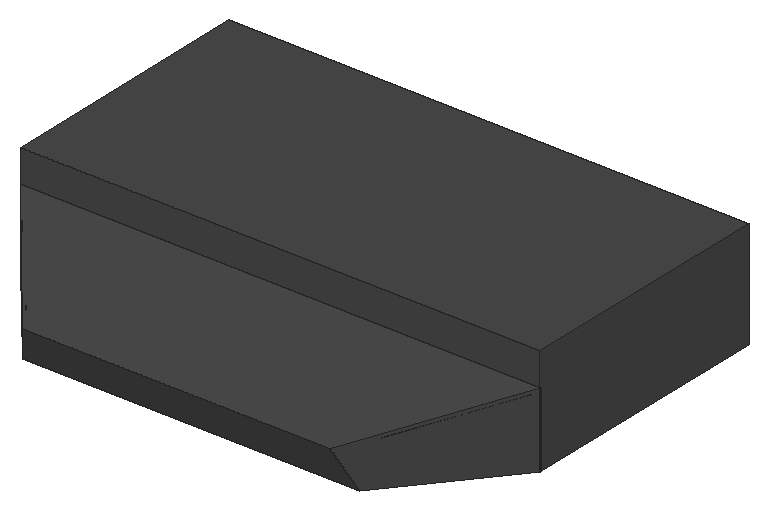
Revit family "Qf_Summit_HSHELL24BK_24 inches Shell Hood", category Specialty Equipment, Revit 2020
Family settings
  Round Connector Dimension = Use Diameter
  Part Type = Normal
  Work Plane-Based = No
  Always vertical = Yes
  Cut with Voids When Loaded = No
  Shared = No
  Room Calculation Point = No
Parameters
  Weight in Pounds = 10
  URL Cutsheet = ""
  Specification by User = ""
  Specification by Manufacturer = ""
  Serial Number = ""
  Seismic Rating = ""
  SMACNA No = ""
  Revision Code = ""
  NAFEM Spec ID Number = ""
  Model = "HSHELL24BK"
  Masterspec = ""
  Manufacturer = "Summit"
  Length = 24"
  Item Number = ""
  Installed By = ""
  Identify Quantity as Lot = yes
  Height = 5"
  Furnished By = ""
  Foodservice Equipment Identifier = yes
  Description = "24\" Shell Hood"
  Depth = 18"
  Default Elevation = 0"
  CSI MasterFormat = ""
Reference planes (in)
  plane 1 "BACK": y = 0
  plane 2: z = 0
  plane 3 "LEFT": x = 0
  plane 4 "RIGHT": x = 24
  plane 5 "FRONT": y = -18
  plane 6 "TOP": z = 5
  plane 7 "Center Y": x = 12
  plane 8 "Center X": y = -9
  plane 9: z = 3.5
  plane 10: y = -12
  plane 11: z = 1.875
  plane 12: x = 4.9375
  plane 13: x = 19.0625
Forms (in)
  Extrusion 1, solid, material "QF_Plastic_Epoxy_Black"
    sketch origin (0, 0, 0) x (1, 0, 0) y (0, 1, 0)
      loop
        line (0, 0) -> (0, -12) -> (24, -12) -> (24, 0) -> (0, 0)
    from 0 to 5
  Extrusion 2, solid, material "QF_Plastic_Epoxy_Black"
    sketch origin (20, 0, 0) x (0, 1, 0) y (0, 0, 1)
      loop
        line (-18, 1.875) -> (-17.12567, 0) -> (-12, 0) -> (-12, 3.5) -> (-18, 1.875)
    from -20 to 4
  Extrusion 3, void
    sketch origin (0, 0, 0) x (1, 0, 0) y (0, 1, 0)
      loop
        line (0, -12) -> (-0.1875, -12) -> (-0.1875, -18.25) -> (4.9375, -18.25) -> (4.9375, -18) -> (0, -12)
      loop
        line (24, -12) -> (19.0625, -18) -> (19.0625, -18.25) -> (24.1875, -18.25) -> (24.1875, -12) -> (24, -12)
    from 0 to 3.5
  Blend 4, void
    base sketch origin (0, -2, 0) x (0, -1, 0) y (0, 0, -1)
      loop
        line (9.75, -4.75) -> (9.75, -0.25) -> (-1.75, -0.25) -> (-1.75, -4.75) -> (9.75, -4.75)
    top sketch origin (0, -2, 0) x (0, -1, 0) y (0, 0, -1)
      loop
        line (9.625, -4.625) -> (9.625, -0.375) -> (-1.625, -0.375) -> (-1.625, -4.625) -> (9.625, -4.625)
    from 0 to 0.08017
  Blend 5, void
    base sketch origin (0, -12, 0) x (-0.635425, 0.772162, 0) y (0, 0, 1)
      loop
        line (-7.37414, 1.70246) -> (-6.497, 0.25) -> (-0.25, 0.25) -> (-0.25, 3.19231) -> (-7.37414, 1.70246)
    top sketch origin (0, -12, 0) x (-0.635425, 0.772162, 0) y (0, 0, 1)
      loop
        line (-7.28514, 1.65857) -> (-6.47224, 0.3125) -> (-0.3125, 0.3125) -> (-0.3125, 3.11674) -> (-7.28514, 1.65857)
    from 0 to 0.08636
  Blend 6, void
    base sketch origin (23.875, -2, 0) x (0, -1, 0) y (0, 0, 1)
      loop
        line (9.75, 4.75) -> (-1.75, 4.75) -> (-1.75, 0.25) -> (9.75, 0.25) -> (9.75, 4.75)
    top sketch origin (23.875, -2, 0) x (0, -1, 0) y (0, 0, 1)
      loop
        line (9.625, 4.625) -> (-1.625, 4.625) -> (-1.625, 0.375) -> (9.625, 0.375) -> (9.625, 4.625)
    from 0 to 0.08017
  Blend 7, void
    base sketch origin (23.875, -12, 0) x (0.635425, 0.772162, 0) y (0, 0, -1)
      loop
        line (-7.37414, -1.70246) -> (-0.25, -3.19231) -> (-0.25, -0.25) -> (-6.497, -0.25) -> (-7.37414, -1.70246)
    top sketch origin (23.875, -12, 0) x (0.635425, 0.772162, 0) y (0, 0, -1)
      loop
        line (-7.28514, -1.65857) -> (-0.3125, -3.11674) -> (-0.3125, -0.3125) -> (-6.47224, -0.3125) -> (-7.28514, -1.65857)
    from 0 to 0.08636
Cuts and joins
  Extrusion 3, Blend 5, Blend 7 cuts Extrusion 2
  Blend 4, Blend 5, Blend 6 cuts Extrusion 1
Lines and regions (in)
  symbolic lines
    curve 1: line (0, 0, 0) -> (0, -12, 0)
    curve 2: line (0, -12, 0) -> (24, -12, 0)
    curve 3: line (24, -12, 0) -> (24, 0, 0)
    curve 4: line (24, 0, 0) -> (0, 0, 0)
    curve 5: line (0, -12, 0) -> (4.9375, -18, 0)
    curve 6: line (4.9375, -18, 0) -> (19.0625, -18, 0)
    curve 7: line (19.0625, -18, 0) -> (24, -12, 0)
Dimensions and locks (in)
  equal spacing: plane 3 "LEFT", plane 7 "Center Y", plane 4 "RIGHT"
  "Length": plane 3 "LEFT" to plane 4 "RIGHT"
  equal spacing: plane 5 "FRONT", plane 8 "Center X", plane 1 "BACK"
  "Depth": plane 5 "FRONT" to plane 1 "BACK"
  "Height": plane 6 "TOP" to level
  plane 9 to level = 3 1/2"
  plane 10 to plane 1 "BACK" = 12"
  plane 5 "FRONT" to plane 1 "BACK" = 18"
  locked: plane 4 "RIGHT" to plane 13 at 4.9375
  plane 4 "RIGHT" to plane 3 "LEFT" = 24"
  aligned and locked: level to plane 2
  aligned and locked: plane 6 "TOP" to Extrusion 1
  aligned and locked: Extrusion 2 to plane 3 "LEFT"
  aligned and locked: plane 9 to Extrusion 3
  aligned and locked: cut or joined group of Extrusion 2, Extrusion 3, Blend 5, Blend 7 to plane 4 "RIGHT"
Automatic sketch dimensions
  plane 1 "BACK" to curve 1 = 0"
  curve 1 to plane 3 "LEFT" = 0"
  plane 5 "FRONT" to curve 6 = 0"
  curve 6 to plane 12 = 0"
  curve 6 to plane 13 = 0"
  curve 3 to plane 4 "RIGHT" = 0"
  plane 10 to curve 2 = 0"
  Extrusion 1 sketch curve to plane 3 "LEFT" = 0"
  Extrusion 1 sketch curve to plane 4 "RIGHT" = 0"
  plane 10 to Extrusion 1 sketch curve = 0"
  plane 1 "BACK" to Extrusion 1 sketch curve = 0"
  Extrusion 2 sketch curve to plane 5 "FRONT" = 0"
  Extrusion 2 sketch curve to level = 0"
  Extrusion 2 sketch curve to plane 10 = 0"
  plane 11 to Extrusion 2 sketch curve = 0"
  Extrusion 2 sketch curve to plane 9 = 0"
  Extrusion 2 sketch curve to plane 5 "FRONT" = 0.87433"
  plane 10 to Extrusion 3 sketch curve = 0"  (x2)
  Extrusion 3 sketch curve to plane 3 "LEFT" = 0"
  Extrusion 3 sketch curve to plane 12 = 0"
  Extrusion 3 sketch curve to plane 13 = 0"
  Extrusion 3 sketch curve to plane 4 "RIGHT" = 0"
  plane 5 "FRONT" to Extrusion 3 sketch curve = 0"  (x2)
  Extrusion 3 sketch curve to plane 3 "LEFT" = 3/16"
  Extrusion 3 sketch curve to Extrusion 3 sketch curve = 3/16"
  plane 5 "FRONT" to Extrusion 3 sketch curve = 1/4"  (x2)
  Blend 4 sketch curve to Extrusion 1 = 1/4"  (x3)
  Extrusion 1 to Blend 4 sketch curve = 1/4"
  Blend 4 sketch curve to Extrusion 1 = 3/8"  (x3)
  Extrusion 1 to Blend 4 sketch curve = 3/8"
  Extrusion 3 to Blend 5 sketch curve = 0.39625"
  Blend 5 sketch curve to Extrusion 3 = 1/4"
  Extrusion 3 to Blend 5 sketch curve = 1.27339"
  Extrusion 3 to Blend 5 sketch curve = 1/4"
  Blend 5 sketch curve to Blend 5 sketch curve = 1.45246"
  Blend 5 sketch curve to Extrusion 3 = 0.30769"
  Extrusion 3 to Blend 5 sketch curve = 0.48525"
  Blend 5 sketch curve to Extrusion 3 = 5/16"
  Extrusion 3 to Blend 5 sketch curve = 1.29814"
  Extrusion 3 to Blend 5 sketch curve = 5/16"
  Blend 5 sketch curve to Blend 5 sketch curve = 1.34607"
  Blend 5 sketch curve to Extrusion 3 = 0.38326"
  plane 1 "BACK" to Blend 6 sketch curve = 1/4"
  Blend 6 sketch curve to plane 10 = 1/4"
  level to Blend 6 sketch curve = 1/4"
  Blend 6 sketch curve to plane 6 "TOP" = 1/4"
  plane 1 "BACK" to Blend 6 sketch curve = 3/8"
  Blend 6 sketch curve to plane 10 = 3/8"
  level to Blend 6 sketch curve = 3/8"
  Blend 6 sketch curve to plane 6 "TOP" = 3/8"
  plane 11 to Blend 7 sketch curve = 0.17254"
  level to Blend 7 sketch curve = 1/4"
  Blend 7 sketch curve to Blend 7 sketch curve = 0.87714"
  Blend 7 sketch curve to Blend 7 sketch curve = 6.247"
  Blend 7 sketch curve to plane 9 = 0.30769"
  plane 11 to Blend 7 sketch curve = 0.21643"
  level to Blend 7 sketch curve = 5/16"
  Blend 7 sketch curve to Blend 7 sketch curve = 0.81289"
  Blend 7 sketch curve to Blend 7 sketch curve = 6.15974"
  Blend 7 sketch curve to plane 9 = 0.38326"
